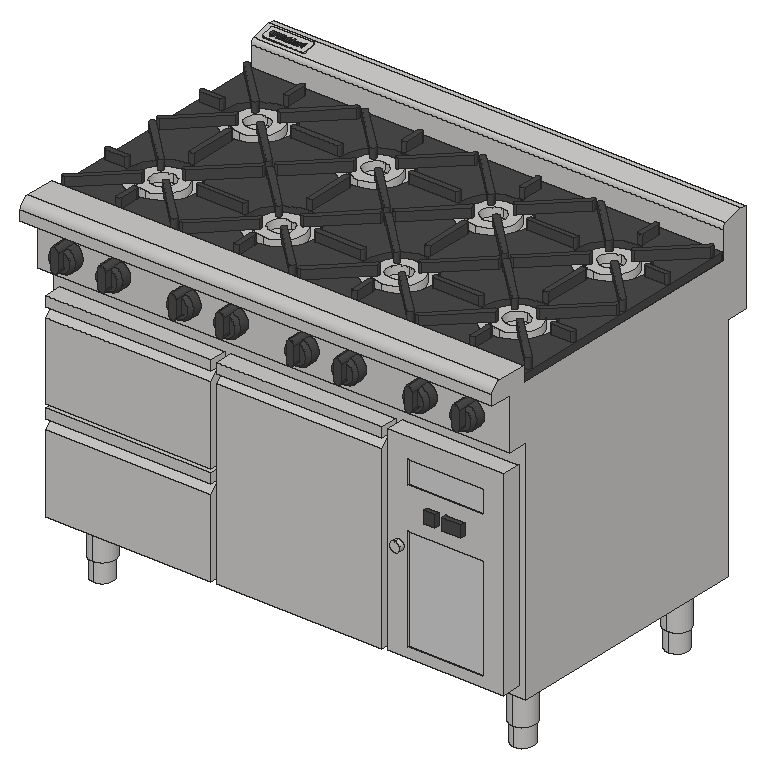
Revit family "QF_MOFFAT WALDORF_RNL8800G-RB", category Specialty Equipment, Revit 2012 (continued)
Definition of nested family "WALDORF LOGO_FACE BASE"
  Forms (mm)
    Extrusion 3, solid, material "QF_Finishes_Black", visible <- "Show Logo"
      sketch origin (0, -33.217, 1.588) x (1, 0, 0) y (0, 1, 0)
        loop
          arc (93.317, 23.602) -> (91.343, 22.903) -> (90.249, 21.118) r 3.137
          line (90.249, 21.118) -> (90.249, 19.813)
        loop
          arc (15.241, 23.571) -> (8.392, 16.525) -> (15.241, 9.479) r 7.049
          line (15.241, 9.479) -> (15.241, 23.571)
        loop
          line (15.641, 23.571) -> (15.641, 9.479)
          arc (15.641, 9.479) -> (22.49, 16.525) -> (15.641, 23.571) r 7.049
        loop
          arc (47.922, 14.711) -> (46.266, 13.749) -> (47.922, 12.787) r 1.107
          line (47.922, 12.787) -> (47.922, 14.711)
      from 0 to 0.2
  Dimensions and locks
    aligned and locked: plane 2 to Extrusion 1
    aligned and locked: level to Extrusion 1
Definition of nested family "RNL8800G-RB-CASTERS"
  Parameters (values of type "BTL8450-CB-CASTERS")
    Weight = ""
    URL Manufacturer = ""
    URL Cutsheet = ""
    URL = ""
    Type Mark [instance] = ""
    Status [instance] = ""
    Specification by User [instance] = ""
    Specification by Manufacturer = ""
    Show Casters [instance] = no
    Serial Number = ""
    Seismic Rating = ""
    SMACNA No = ""
    Revision Code [instance] = ""
    Omniclass Number and Title = ""
    NAFEM Spec ID Number = ""
    Model = ""
    MasterSpec. = ""
    Manufacturer = ""
    Item Number [instance] = ""
    Installed By [instance] = ""
    Identify Quantity as Lot [instance] = yes
    Furnished By [instance] = ""
    Foodservice Equipment Identifier [instance] = yes
    Description = ""
    CSI MasterFormat = ""
    CSI Master Format = ""
    Assembly Code = ""
  Reference planes
    plane 1: z = 0
    plane 2 "RIGHT": x = 0
    plane 3 "FRONT": y = 0
    plane 4 "TOP": z = 177.8
  Forms (mm)
    Revolve 1, solid, material "QF_Finishes_Stainless Steel", visible <- "Show Casters"
      sketch origin (0, 56.335, 0) x (0, 1, 0) y (0, 0, 1)
        loop
          line (-56.335, 152.4) -> (-56.335, 141.118) -> (-23.798, 141.118) -> (-23.798, 152.4) -> (-56.335, 152.4)
        axis (-56.335, 141.118) -> (-56.335, 152.4)
      angle from 0 to 360
    Extrusion 2, solid, material "QF_Finishes_Stainless Steel", visible <- "Show Casters"
      sketch origin (-46.049, 56.335, 0) x (0, 1, 0) y (0, 0, 1)
        loop
          line (-85.799, 141.118) -> (-85.799, 133.498) -> (-82.136, 133.498)
          arc (-82.136, 133.498) -> (-79.344, 132.328) -> (-77.146, 130.248) r 8.432
          line (-77.146, 130.248) -> (-39.502, 49.52)
          arc (-39.502, 49.52) -> (-13.784, 46.107) -> (-5.673, 70.75) r 20.32
          arc (-5.673, 70.75) -> (-7.065, 73.611) -> (-8.887, 76.22) r 20.32
          arc (-8.887, 76.22) -> (-9.399, 85.377) -> (-6.626, 94.119) r 25.4
          line (-6.626, 94.119) -> (8.003, 121.632)
          arc (8.003, 121.632) -> (-2.347, 126.31) -> (-13.34, 129.167) r 66.802
          line (-13.34, 129.167) -> (-13.765, 133.498) -> (-26.871, 133.498) -> (-26.871, 141.118) -> (-85.799, 141.118)
      from 20.058 to 22.923
    Extrusion 3, solid, material "QF_Finishes_Stainless Steel", visible <- "Show Casters"
      sketch origin (3.326, 56.335, 0) x (0, 1, 0) y (0, 0, 1)
        loop
          line (-85.799, 141.118) -> (-85.799, 133.498) -> (-82.136, 133.498)
          arc (-82.136, 133.498) -> (-79.344, 132.328) -> (-77.146, 130.248) r 8.432
          line (-77.146, 130.248) -> (-39.502, 49.52)
          arc (-39.502, 49.52) -> (-13.784, 46.107) -> (-5.673, 70.75) r 20.32
          arc (-5.673, 70.75) -> (-7.065, 73.611) -> (-8.887, 76.22) r 20.32
          arc (-8.887, 76.22) -> (-9.399, 85.377) -> (-6.626, 94.119) r 25.4
          line (-6.626, 94.119) -> (8.003, 121.632)
          arc (8.003, 121.632) -> (-2.347, 126.31) -> (-13.34, 129.167) r 66.802
          line (-13.34, 129.167) -> (-13.765, 133.498) -> (-26.871, 133.498) -> (-26.871, 141.118) -> (-85.799, 141.118)
      from 20.058 to 22.923
    Extrusion 4, solid, material "QF_Finishes_Stainless Steel", visible <- "Show Casters"
      sketch origin (-49.224, 56.335, 0) x (0, 1, 0) y (0, 0, 1)
        loop
          line (-85.799, 141.118) -> (-85.799, 133.498) -> (-82.136, 133.498) -> (-18.877, 127.964) -> (7.14, 120.01) -> (8.003, 121.632)
          arc (8.003, 121.632) -> (-2.347, 126.31) -> (-13.34, 129.167) r 66.802
          line (-13.34, 129.167) -> (-13.765, 133.498) -> (-26.871, 133.498) -> (-26.871, 141.118) -> (-85.799, 141.118)
      from 26.098 to 72.56
    Revolve 5, solid, material "QF_Finishes_Stainless Steel", visible <- "Show Casters"
      sketch origin (-49.224, 30.821, 0) x (1, 0, 0) y (0, 0, 1)
        loop
          line (14.841, 63.604) -> (83.584, 63.604) -> (83.584, 67.109) -> (82.314, 68.379) -> (80.79, 68.379) -> (80.79, 71.826) -> (68.644, 71.826) -> (68.644, 81.79) -> (65.088, 83.843) -> (61.683, 104.879) -> (65.881, 104.879) -> (65.881, 111.229) -> (65.088, 111.229) -> (65.088, 117.579)
          arc (65.088, 117.579) -> (62.298, 124.314) -> (55.563, 127.104) r 9.525
          line (55.563, 127.104) -> (42.863, 127.104)
          arc (42.863, 127.104) -> (36.127, 124.314) -> (33.338, 117.579) r 9.525
          line (33.338, 117.579) -> (33.338, 111.229) -> (32.544, 111.229) -> (32.544, 104.879) -> (36.742, 104.879) -> (33.352, 83.932) -> (29.782, 81.871) -> (29.782, 71.826) -> (17.635, 71.826) -> (17.635, 68.379) -> (16.111, 68.379) -> (14.841, 67.109) -> (14.841, 63.604)
        axis (14.841, 63.604) -> (83.584, 63.604)
      angle from 0 to 360
  Cuts and joins
    joined: Extrusion 2, Extrusion 3, Extrusion 4
  Lines and regions (mm)
    symbolic lines, style "SpecialityEquipmentHiddenLines", visible <- "Show Casters"
      curve 1: line (18.009, 67.053, 0) -> (45.595, 51.127, 0)
      curve 2: line (-45.491, -42.932, 0) -> (18.009, 67.053, 0)
      curve 3: line (-17.905, -58.859, 0) -> (-45.491, -42.932, 0)
      curve 4: line (45.595, 51.127, 0) -> (-17.905, -58.859, 0)
  Dimensions and locks
    plane 4 "TOP" to level = 177.8 mm  (x2)
    Revolve 5 sketch curve to Revolve 5 sketch curve = 63.5 mm
    aligned and locked: level to plane 1
